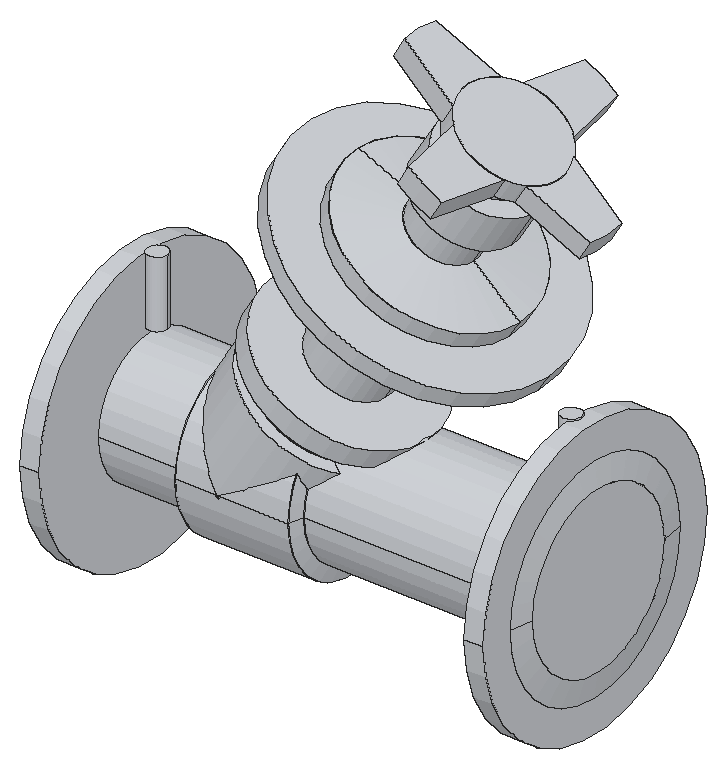
Revit family "224_DN150_20-70_RFA_2019", category Pipe Accessories, Revit 2019
Family settings
  Round Connector Dimension = Use Diameter
  Part Type = Valve - Breaks Into
  Work Plane-Based = No
  Always vertical = Yes
  Cut with Voids When Loaded = No
  Shared = No
Parameters (values of type "224_DN150_(20-70)")
  magiProductId = "2dcf3707ec5549d494f72875a03dce"
  magiProductFamilyId = "cb96b53648234cefb8c956722b95ac"
  magiPartTypeId = 304
  isMeasuringValve [instance] = no
  ang2D [instance] = 0.00°
  Z8 = 26.866 mm
  Z7 = 8.955 mm
  Z6 = 89.552 mm
  Z4 = 44.776 mm
  Z3 = 17.91 mm
  Z2 = 22.388 mm
  Z1 = 89.552 mm
  Y9 = 112.022 mm
  Y8 = 43.927 mm
  X9 = 19.752 mm
  X8 = 30.758 mm
  X5 = 223.38 mm
  X4 = 115.5 mm
  X1 = 19.2 mm
  W2D = 100 mm
  VersionID = "2.0/2018.4.11.4/ZETKAMA_224_001"
  Use Minimum Symbol Size [instance] = yes
  URL = "www.hydronic.cz"
  Type Comments = "přírubový ventil, PN16; -10~+120°C; dpmin=1,5xdpnast;"
  R8 = 53.625 mm
  R7 = 35.75 mm
  R6 = 96.688 mm
  R5 = 142.5 mm
  R4 = 113.75 mm
  R3 = 70.2 mm
  R2 = 108.5 mm
  R12 = 42.75 mm
  R10 = 84 mm
  QmdConnectorList = "301;D;302;D"
  Productdata [instance] = ""
  Manufacturer = "Hydronic Systems Prague s.r.o."
  Maintenance Zone Under Depth [instance] = 440 mm
  Maintenance Zone Right Depth [instance] = 480 mm
  Maintenance Zone Over Depth [instance] = 440 mm
  Maintenance Zone Left Depth [instance] = 480 mm
  Maintenance Zone Front Depth [instance] = 273 mm
  Maintenance Zone Back Depth [instance] = 273 mm
  Maintenance Zone Front Visibility [instance] = no
  MC Product Code = "224 150 3 (DN150; dpnast 20-70kPa; dpmax=250kPa; kvs=200,0kPa)"
  MC Piping Given Pressure Drop [instance] = 0.0 Pa
  LT2 = 240 mm
  L3 = 86.72 mm
  L2D_Min = 3048 mm
  L2D = 350 mm
  H5 = 67.5 mm
  FDT2 = 142.5 mm
  Description = "Regulátor diferenčního tlaku přírubový"
  DT21 = 67.5 mm
  DT2 = 75 mm
  D6 = 90.75 mm
  D5 = 82.5 mm
  D = 150 mm
  Clearance Zone Height Depth [instance] = 440 mm
  Clearance Zone Circular Radius [instance] = 480 mm
  Clearance Zone Visibility [instance] = no
  CAT0 = yes
  ARC2 = 1.728 mm
  ARC1 = 9.698 mm
  ANG = 32.00°
  A2 = 44.513 mm
  A1 = 71.236 mm
Types (10, lengths in mm): name | magiProductId | Z8 | Z7 | Z6 | Z4 | Z3 | Z2 | Z1 | X5 | X4 | X1 | R5 | R3 | R2 | R10 | Maintenance Zone Under Depth | Maintenance Zone Right Depth | Maintenance Zone Over Depth | Maintenance Zone Left Depth | MC Product Code | LT2 | L3 | H5 | FDT2 | DT21 | DT2 | D6 | D5 | D | Clearance Zone Height Depth | Clearance Zone Circular Radius | A2 | A1
  224_DN100_(40-160) | "71f9e553003c40d991c5e352e67284" | 24.389 | 8.13 | 101.622 | 40.649 | 16.26 | 20.324 | 60.973 | 152.2 | 91 | 14 | 110 | 52 | 80.5 | 58 | 405 | 350 | 405 | 350 | "224 100 7 (DN100; dpnast 40-160kPa; dpmax=250kPa; kvs=110,0kPa)" | 175 | 62.8 | 60 | 110 | 50 | 50 | 81.25 | 65 | 100 | 405 | 350 | 32.458 | 51.943
  224_DN100_(20-70) | "5e4de33176c64976a9c157b39996ce" | 24.389 | 8.13 | 101.622 | 40.649 | 16.26 | 20.324 | 60.973 | 152.2 | 91 | 14 | 110 | 52 | 80.5 | 58 | 405 | 350 | 405 | 350 | "224 100 3 (DN100; dpnast 20-70kPa; dpmax=250kPa; kvs=110,0kPa)" | 175 | 62.8 | 60 | 110 | 50 | 50 | 81.25 | 65 | 100 | 405 | 350 | 32.458 | 51.943
  224_DN125_(40-160) | "9beb69b667494b6ab1f54942078ae6" | 25.804 | 8.601 | 107.518 | 43.007 | 17.203 | 21.504 | 64.511 | 166.25 | 113.75 | 16 | 125 | 65 | 95.5 | 71 | 425 | 400 | 425 | 400 | "224 125 7 (DN125; dpnast 40-160kPa; dpmax=250kPa; kvs=169,0kPa)" | 200 | 72 | 62.5 | 125 | 62.5 | 62.5 | 101.562 | 81.25 | 125 | 425 | 400 | 37.094 | 59.363
  224_DN125_(20-70) | "2c85edc695ca465cb63b6911085491" | 25.804 | 8.601 | 107.518 | 43.007 | 17.203 | 21.504 | 64.511 | 166.25 | 113.75 | 16 | 125 | 65 | 95.5 | 71 | 425 | 400 | 425 | 400 | "224 125 3 (DN125; dpnast 20-70kPa; dpmax=250kPa; kvs=169,0kPa)" | 200 | 72 | 62.5 | 125 | 62.5 | 62.5 | 101.562 | 81.25 | 125 | 425 | 400 | 37.094 | 59.363
  224_DN150_(40-160) | "96017eba5eec4de2abe05c4d8dc7d1" | 26.866 | 8.955 | 89.552 | 44.776 | 17.91 | 22.388 | 89.552 | 223.38 | 115.5 | 19.2 | 142.5 | 70.2 | 108.5 | 84 | 440 | 480 | 440 | 480 | "224 150 7 (DN150; dpnast 40-160kPa; dpmax=250kPa; kvs=200,0kPa)" | 240 | 86.72 | 67.5 | 142.5 | 67.5 | 75 | 90.75 | 82.5 | 150 | 440 | 480 | 44.513 | 71.236
  224_DN150_(20-70) | "2dcf3707ec5549d494f72875a03dce" | 26.866 | 8.955 | 89.552 | 44.776 | 17.91 | 22.388 | 89.552 | 223.38 | 115.5 | 19.2 | 142.5 | 70.2 | 108.5 | 84 | 440 | 480 | 440 | 480 | "224 150 3 (DN150; dpnast 20-70kPa; dpmax=250kPa; kvs=200,0kPa)" | 240 | 86.72 | 67.5 | 142.5 | 67.5 | 75 | 90.75 | 82.5 | 150 | 440 | 480 | 44.513 | 71.236
  224_DN065_(40-160) | "7a3227ed888c4b0d8669ae9eb0085d" | 22.974 | 7.658 | 95.726 | 38.29 | 15.316 | 19.145 | 57.436 | 139.89 | 59.15 | 11.6 | 92.5 | 33.8 | 63 | 40.5 | 385 | 290 | 385 | 290 | "224 065 7 (DN65; dpnast 40-160kPa; dpmax=300kPa; kvs=48,4kPa)" | 145 | 51.76 | 60 | 92.5 | 32.5 | 32.5 | 52.812 | 42.25 | 65 | 385 | 290 | 26.893 | 43.038
  224_DN065_(20-70) | "bd269db4002540fe9b2a41f205afd7" | 22.974 | 7.658 | 95.726 | 38.29 | 15.316 | 19.145 | 57.436 | 139.89 | 59.15 | 11.6 | 92.5 | 33.8 | 63 | 40.5 | 385 | 290 | 385 | 290 | "224 065 3 (DN65; dpnast 20-70kPa; dpmax=300kPa; kvs=48,4kPa)" | 145 | 51.76 | 60 | 92.5 | 32.5 | 32.5 | 52.812 | 42.25 | 65 | 385 | 290 | 26.893 | 43.038
  224_DN080_(40-160) | "20b45c03d3cb49e9a44f946d5e2c2d" | 23.328 | 7.776 | 97.2 | 38.88 | 15.552 | 19.44 | 58.32 | 140.96 | 72.8 | 12.4 | 100 | 41.6 | 70.5 | 48 | 390 | 310 | 390 | 310 | "224 080 7 (DN80; dpnast 40-160kPa; dpmax=300kPa; kvs=74,5kPa)" | 155 | 55.44 | 60 | 100 | 40 | 40 | 65 | 52 | 80 | 390 | 310 | 28.748 | 46.007
  224_DN080_(20-70) | "2f63645f7c5342ecbadd0051fa47f2" | 23.328 | 7.776 | 97.2 | 38.88 | 15.552 | 19.44 | 58.32 | 140.96 | 72.8 | 12.4 | 100 | 41.6 | 70.5 | 48 | 390 | 310 | 390 | 310 | "224 080 3 (DN80; dpnast 20-70kPa; dpmax=300kPa; kvs=74,5kPa)" | 155 | 55.44 | 60 | 100 | 40 | 40 | 65 | 52 | 80 | 390 | 310 | 28.748 | 46.007
Reference planes
  plane 1 "Center (Front/Back)": y = 0
  plane 2 "XYPLANE": z = 0
  plane 3 "Center (Left/Right)": x = 0
  plane 4 "274": z = -440
  plane 5 "273": z = 440
  plane 6 "272": x = -480
  plane 7 "271": x = 480
  plane 8 "270": y = 273
  plane 9 "269": y = -273
  plane 10 "202": x = 211.8
  plane 11 "201": z = 75
  plane 12 "199": x = -209.8
  plane 13 "196": x = -6.58
  plane 14 "195": x = -10.58
  plane 15 "186": x = -126.08
  plane 16 "185": x = -130.08
  plane 17 "157": through (-517.259, 0, 587.523) normal (0.5299, 0, 0.848)
  plane 18 "123": y = -19.752
  plane 19 "122": y = -30.758
  plane 20 "120": y = 19.752
  plane 21 "119": y = 30.758
  plane 22 "118": through (242.028, 0, 733.148) normal (0.848, 0, -0.5299)
  plane 23 "117": through (374.28, 0, 650.508) normal (0.848, 0, -0.5299)
  plane 24 "116": through (432.028, 0, 614.423) normal (0.848, 0, -0.5299)
  plane 25 "115": through (299.776, 0, 697.063) normal (0.848, 0, -0.5299)
  plane 26 "113": y = -43.927
  plane 27 "112": y = -112.022
  plane 28 "110": through (363.112, 0, 657.486) normal (0.848, 0, -0.5299)
  plane 29 "108": through (320.277, 0, 684.253) normal (0.848, 0, -0.5299)
  plane 30 "107": through (310.944, 0, 690.085) normal (0.848, 0, -0.5299)
  plane 31 "106": through (353.779, 0, 663.318) normal (0.848, 0, -0.5299)
  plane 32 "105": y = 112.022
  plane 33 "104": y = 43.927
  plane 34 "99": through (-434.212, 0, 720.426) normal (0.5299, 0, 0.848)
  plane 35 "96": through (-446.076, 0, 701.44) normal (0.5299, 0, 0.848)
  plane 36 "91": through (-469.803, 0, 663.467) normal (0.5299, 0, 0.848)
  plane 37 "87": through (-493.531, 0, 625.495) normal (0.5299, 0, 0.848)
  plane 38 "84": through (-498.277, 0, 617.901) normal (0.5299, 0, 0.848)
  plane 39 "82": through (-507.768, 0, 602.712) normal (0.5299, 0, 0.848)
  plane 40 "75": through (-526.75, 0, 572.334) normal (0.5299, 0, 0.848)
  plane 41 "74": through (-540.986, 0, 549.551) normal (0.5299, 0, 0.848)
  plane 42 "41": through (-588.442, 0, 473.607) normal (0.5299, 0, 0.848)
  plane 43 "37": through (-600.305, 0, 454.621) normal (0.5299, 0, 0.848)
  plane 44 "34": through (-612.169, 0, 435.634) normal (0.5299, 0, 0.848)
  plane 45 "30": through (-659.624, 0, 359.69) normal (0.5299, 0, 0.848)
  plane 46 "28": y = 0
  plane 47 "27": through (337.028, 0, 673.785) normal (0.848, 0, -0.5299)
  plane 48 "24": x = 236
  plane 49 "23": x = 216.8
  plane 50 "15": x = -216.8
  plane 51 "11": x = -236
  plane 52 "6": x = 240
  plane 53 "5": x = -240
  plane 54 "3": z = 0
  plane 55 "2": y = 0
  plane 56 "1": x = 0
  plane 57 "25XY": through (-636.036, 0, 397.439) normal (0.5299, 0, 0.848)
  plane 58 "25XZ": y = 0
  plane 59 "25YZ": through (397.439, 0, 636.036) normal (0.848, 0, -0.5299)
Forms (mm)
  Blend 1, solid, visible <- "CAT0"
    base sketch origin (-540.986, 0, 549.551) x (0.848048, 0, -0.529919) y (0, 1, 0)
      loop
        circle (678.764, 0) r 42.75
    top sketch origin (-540.986, 0, 549.551) x (0.848048, 0, -0.529919) y (0, 1, 0)
      loop
        circle (678.764, 0) r 113.75
    from 0 to 26.866
  Blend 2, solid, visible <- "Maintenance Zone Front Visibility"
    base sketch origin (-750, 0, 440) x (1, 0, 0) y (0, 1, 0)
      loop
        line (270, 273) -> (270, -273) -> (1230, -273) -> (1230, 273) -> (270, 273)
    top sketch origin (-750, 0, 440) x (1, 0, 0) y (0, 1, 0)
      loop
        line (270, 273) -> (270, -273) -> (1230, -273) -> (1230, 273) -> (270, 273)
    from 0 to -880
  Extrusion 3, solid, visible <- "Clearance Zone Visibility"
    sketch origin (-750, 0, 0) x (1, 0, 0) y (0, 1, 0)
      loop
        circle (750, 0) r 480
    from 0 to 440 <- "Clearance Zone Height Depth"
  Extrusion 4, solid, visible <- "CAT0"
    sketch origin (-588.442, 0, 473.607) x (0.848048, 0, -0.529919) y (0, 1, 0)
      loop
        circle (678.764, 0) r 42.75
    from 0 to 89.552 <- "Z6"
  Extrusion 5, solid
    sketch origin (-750, 0, 75) x (1, 0, 0) y (0, 1, 0)
      loop
        circle (961.8, 0) r 10
    from 0 to 67.5 <- "H5"
  Extrusion 6, solid
    sketch origin (-750, 0, 75) x (1, 0, 0) y (0, 1, 0)
      loop
        circle (540.2, 0) r 10
    from 0 to 67.5 <- "H5"
  Extrusion 7, solid
    sketch origin (-6.58, -750, 0) x (0, 1, 0) y (0, 0, 1)
      loop
        circle (750, 0) r 67.5
    from 0 to 223.38 <- "X5"
  Blend 8, solid
    base sketch origin (-6.58, -750, 0) x (0, 1, 0) y (0, 0, 1)
      loop
        circle (750, 0) r 67.5
    top sketch origin (-6.58, -750, 0) x (0, 1, 0) y (0, 0, 1)
      loop
        circle (750, 0) r 82.5
    from 0 to -4
  Extrusion 9, solid
    sketch origin (-126.08, -750, 0) x (0, 1, 0) y (0, 0, 1)
      loop
        circle (750, 0) r 82.5
    from 0 to 115.5 <- "X4"
  Blend 10, solid
    base sketch origin (-130.08, -750, 0) x (0, 1, 0) y (0, 0, 1)
      loop
        circle (750, 0) r 67.5
    top sketch origin (-130.08, -750, 0) x (0, 1, 0) y (0, 0, 1)
      loop
        circle (750, 0) r 82.5
    from 0 to 4
  Extrusion 11, solid
    sketch origin (-659.624, 0, 359.69) x (0.848048, 0, -0.529919) y (0, 1, 0)
      loop
        circle (678.764, 0) r 82.5
    from 0 to 89.552 <- "Z1"
  Extrusion 12, solid
    sketch origin (-526.75, 0, 572.334) x (0.848048, 0, -0.529919) y (0, 1, 0)
      loop
        circle (678.764, 0) r 113.75
    from 0 to 17.91 <- "Z3"
  Extrusion 13, solid
    sketch origin (-434.212, 0, 720.426) x (0.848048, 0, -0.529919) y (0, 1, 0)
      loop
        line (722.691, -30.758) -> (790.786, -19.752)
        arc (790.786, -19.752) -> (792.514, 0) -> (790.786, 19.752) r 113.75
        line (790.786, 19.752) -> (722.691, 30.758)
        arc (722.691, 30.758) -> (732.389, 0) -> (722.691, -30.758) r 53.625
    from 0 to 22.388 <- "Z2"
  Extrusion 14, solid
    sketch origin (-434.212, 0, 720.426) x (0.848048, 0, -0.529919) y (0, 1, 0)
      loop
        line (634.837, 30.758) -> (566.742, 19.752)
        arc (566.742, 19.752) -> (565.014, 0) -> (566.742, -19.752) r 113.75
        line (566.742, -19.752) -> (634.837, -30.758)
        arc (634.837, -30.758) -> (625.139, 0) -> (634.837, 30.758) r 53.625
    from 0 to 22.388 <- "Z2"
  Extrusion 15, solid
    sketch origin (-434.212, 0, 720.426) x (0.848048, 0, -0.529919) y (0, 1, 0)
      loop
        line (648.006, -43.927) -> (659.011, -112.022)
        arc (659.011, -112.022) -> (678.764, -113.75) -> (698.516, -112.022) r 113.75
        line (698.516, -112.022) -> (709.522, -43.927)
        arc (709.522, -43.927) -> (678.764, -53.625) -> (648.006, -43.927) r 53.625
    from 0 to 22.388 <- "Z2"
  Extrusion 16, solid
    sketch origin (-434.212, 0, 720.426) x (0.848048, 0, -0.529919) y (0, 1, 0)
      loop
        line (709.522, 43.927) -> (698.516, 112.022)
        arc (698.516, 112.022) -> (678.764, 113.75) -> (659.011, 112.022) r 113.75
        line (659.011, 112.022) -> (648.006, 43.927)
        arc (648.006, 43.927) -> (678.764, 53.625) -> (709.522, 43.927) r 53.625
    from 0 to 22.388 <- "Z2"
  Extrusion 17, solid
    sketch origin (-434.212, 0, 720.426) x (0.848048, 0, -0.529919) y (0, 1, 0)
      loop
        circle (678.764, 0) r 53.625
    from 0 to 22.388 <- "Z2"
  Extrusion 18, solid
    sketch origin (-446.076, 0, 701.44) x (0.848048, 0, -0.529919) y (0, 1, 0)
      loop
        circle (678.764, 0) r 35.75
    from 0 to 22.388 <- "Z2"
  Extrusion 19, solid
    sketch origin (-469.803, 0, 663.467) x (0.848048, 0, -0.529919) y (0, 1, 0)
      loop
        circle (678.764, 0) r 53.625
    from 0 to 44.776 <- "Z4"
  Extrusion 20, solid
    sketch origin (-493.531, 0, 625.495) x (0.848048, 0, -0.529919) y (0, 1, 0)
      loop
        circle (678.764, 0) r 35.75
    from 0 to 44.776 <- "Z4"
  Blend 21, solid
    base sketch origin (-498.277, 0, 617.901) x (0.848048, 0, -0.529919) y (0, 1, 0)
      loop
        circle (678.764, 0) r 96.688
    top sketch origin (-498.277, 0, 617.901) x (0.848048, 0, -0.529919) y (0, 1, 0)
      loop
        circle (678.764, 0) r 35.75
    from 0 to 8.955
  Extrusion 22, solid
    sketch origin (-507.768, 0, 602.712) x (0.848048, 0, -0.529919) y (0, 1, 0)
      loop
        circle (678.764, 0) r 96.688
    from 0 to 17.91 <- "Z3"
  Extrusion 23, solid
    sketch origin (-517.259, 0, 587.523) x (0.848048, 0, -0.529919) y (0, 1, 0)
      loop
        circle (678.764, 0) r 142.5
    from 0 to 17.91 <- "Z3"
  Extrusion 24, solid
    sketch origin (-600.305, 0, 454.621) x (0.848048, 0, -0.529919) y (0, 1, 0)
      loop
        circle (678.764, 0) r 90.75
    from 0 to 22.388 <- "Z2"
  Extrusion 25, solid
    sketch origin (-612.169, 0, 435.634) x (0.848048, 0, -0.529919) y (0, 1, 0)
      loop
        circle (678.764, 0) r 70.2
    from 0 to 22.388 <- "Z2"
  Blend 26, solid
    base sketch origin (236, -750, 0) x (0, 1, 0) y (0, 0, 1)
      loop
        circle (750, 0) r 108.5
    top sketch origin (236, -750, 0) x (0, 1, 0) y (0, 0, 1)
      loop
        circle (750, 0) r 84
    from 0 to 4
  Extrusion 27, solid
    sketch origin (216.8, -750, 0) x (0, 1, 0) y (0, 0, 1)
      loop
        circle (750, 0) r 142.5
    from 0 to 19.2 <- "X1"
  Extrusion 28, solid
    sketch origin (-216.8, -750, 0) x (0, 1, 0) y (0, 0, 1)
      loop
        circle (750, 0) r 67.5
    from 0 to 86.72 <- "L3"
  Extrusion 29, solid
    sketch origin (-236, -750, 0) x (0, 1, 0) y (0, 0, 1)
      loop
        circle (750, 0) r 142.5
    from 0 to 19.2 <- "X1"
  Blend 30, solid
    base sketch origin (-240, -750, 0) x (0, 1, 0) y (0, 0, 1)
      loop
        circle (750, 0) r 84
    top sketch origin (-240, -750, 0) x (0, 1, 0) y (0, 0, 1)
      loop
        circle (750, 0) r 108.5
    from 0 to 4
  Extrusion 31, solid, not visible
    sketch origin (240, -750, 0) x (0, 1, 0) y (0, 0, 1)
      loop
        circle (750, 0) r 10
    from 0 to -10
  Extrusion 32, solid, not visible
    sketch origin (-240, -750, 0) x (0, 1, 0) y (0, 0, 1)
      loop
        circle (750, 0) r 10
    from 0 to 10
Lines and regions (mm)
  reference lines, not visible
    curve 1: circle (-9.38, 2, 0) r 1 normal (0, 0, 1)
  reference lines
    curve 2: line (178.665, -30.758, 337.458) -> (178.665, 30.758, 337.458)
    curve 3: line (236.413, 19.752, 301.373) -> (236.413, -19.752, 301.373)
    curve 4: line (104.16, 30.758, 384.013) -> (104.16, -30.758, 384.013)
    curve 5: line (46.413, -19.752, 420.098) -> (46.413, 19.752, 420.098)
    curve 6: line (115.328, -43.927, 377.035) -> (167.497, -43.927, 344.436)
    curve 7: line (158.164, -112.022, 350.268) -> (124.662, -112.022, 371.203)
    curve 8: line (167.497, 43.927, 344.436) -> (115.328, 43.927, 377.035)
    curve 9: line (124.662, 112.022, 371.203) -> (158.164, 112.022, 350.268)
Dimensions and locks
  plane 1 "Center (Front/Back)" to curve 1 = 2 mm
  "Maintenance Zone Under Depth": plane 2 "XYPLANE" to plane 4 "274"
  "Maintenance Zone Over Depth": plane 2 "XYPLANE" to plane 5 "273"
  "Maintenance Zone Left Depth": plane 3 "Center (Left/Right)" to plane 6 "272"
  "Maintenance Zone Right Depth": plane 3 "Center (Left/Right)" to plane 7 "271"
  "Maintenance Zone Back Depth": plane 1 "Center (Front/Back)" to plane 8 "270"
  "Maintenance Zone Front Depth": plane 1 "Center (Front/Back)" to plane 9 "269"
  locked: plane 49 "23" to plane 10 "202" at 5
  "DT2": plane 2 "XYPLANE" to plane 11 "201"
  locked: plane 50 "15" to plane 12 "199" at 7
  locked: plane 14 "195" to plane 13 "196" at 4
  "X4": plane 15 "186" to plane 14 "195"
  locked: plane 16 "185" to plane 15 "186" at 4
  "L3": plane 50 "15" to plane 16 "185"
  "Z3": plane 40 "75" to plane 17 "157"
  "X9": plane 55 "2" to plane 18 "123"
  "X8": plane 55 "2" to plane 19 "122"
  "X9": plane 55 "2" to plane 20 "120"
  "X8": plane 55 "2" to plane 21 "119"
  "Y9": plane 47 "27" to plane 22 "118"
  "Y8": plane 47 "27" to plane 23 "117"
  "Y9": plane 47 "27" to plane 24 "116"
  "Y8": plane 47 "27" to plane 25 "115"
  "Y8": plane 55 "2" to plane 26 "113"
  "Y9": plane 55 "2" to plane 27 "112"
  "X8": plane 47 "27" to plane 28 "110"
  "X9": plane 47 "27" to plane 29 "108"
  "X8": plane 47 "27" to plane 30 "107"
  "X9": plane 47 "27" to plane 31 "106"
  "Y9": plane 55 "2" to plane 32 "105"
  "Y8": plane 55 "2" to plane 33 "104"
  "Z2": plane 35 "96" to plane 34 "99"
  "Z4": plane 36 "91" to plane 35 "96"
  "Z4": plane 37 "87" to plane 36 "91"
  "Z7": plane 38 "84" to plane 37 "87"
  "Z3": plane 39 "82" to plane 38 "84"
  "Z3": plane 17 "157" to plane 39 "82"
  "Z8": plane 41 "74" to plane 40 "75"
  "Z6": plane 42 "41" to plane 41 "74"
  "Z2": plane 43 "37" to plane 42 "41"
  "Z2": plane 44 "34" to plane 43 "37"
  "Z1": plane 45 "30" to plane 44 "34"
  "A2": plane 57 "25XY" to plane 45 "30"
  locked: plane 55 "2" to plane 46 "28"
  "A1": plane 59 "25YZ" to plane 47 "27"
  "X1": plane 49 "23" to plane 48 "24"
  "X5": plane 13 "196" to plane 49 "23"
  "X1": plane 51 "11" to plane 50 "15"
  locked: plane 53 "5" to plane 51 "11" at 4
  "LT2": plane 3 "Center (Left/Right)" to plane 52 "6"
  "LT2": plane 3 "Center (Left/Right)" to plane 53 "5"
  locked: plane 2 "XYPLANE" to plane 54 "3"
  locked: plane 1 "Center (Front/Back)" to plane 55 "2"
  locked: plane 3 "Center (Left/Right)" to plane 56 "1"
  Blend 2 sketch curve to Blend 2 sketch curve = 0 mm  (x16)
  "ARC1": curve 2 to Extrusion 13 sketch curve
  "ARC2": curve 3 to Extrusion 13 sketch curve
  Extrusion 13 sketch curve to Extrusion 13 sketch curve = 0 mm  (x8)
  "ARC1": curve 4 to Extrusion 14 sketch curve
  "ARC2": curve 5 to Extrusion 14 sketch curve
  Extrusion 14 sketch curve to Extrusion 14 sketch curve = 0 mm  (x8)
  "ARC1": curve 6 to Extrusion 15 sketch curve
  "ARC2": curve 7 to Extrusion 15 sketch curve
  Extrusion 15 sketch curve to Extrusion 15 sketch curve = 0 mm  (x8)
  "ARC1": curve 8 to Extrusion 16 sketch curve
  "ARC2": curve 9 to Extrusion 16 sketch curve
  Extrusion 16 sketch curve to Extrusion 16 sketch curve = 0 mm  (x8)
  "R4": radius of Blend 1 sketch curve
  "R12": radius of Blend 1 sketch curve
  "Clearance Zone Circular Radius": radius of Extrusion 3 sketch curve
  "R12": radius of Extrusion 4 sketch curve
  "DT21": radius of Extrusion 7 sketch curve
  "D5": radius of Blend 8 sketch curve
  "DT21": radius of Blend 8 sketch curve
  "D5": radius of Extrusion 9 sketch curve
  "D5": radius of Blend 10 sketch curve
  "DT21": radius of Blend 10 sketch curve
  "D5": radius of Extrusion 11 sketch curve
  "R4": radius of Extrusion 12 sketch curve
  "R8": radius of Extrusion 17 sketch curve
  "R7": radius of Extrusion 18 sketch curve
  "R8": radius of Extrusion 19 sketch curve
  "R7": radius of Extrusion 20 sketch curve
  "R7": radius of Blend 21 sketch curve
  "R6": radius of Blend 21 sketch curve
  "R6": radius of Extrusion 22 sketch curve
  "R5": radius of Extrusion 23 sketch curve
  "D6": radius of Extrusion 24 sketch curve
  "R3": radius of Extrusion 25 sketch curve
  "R10": radius of Blend 26 sketch curve
  "R2": radius of Blend 26 sketch curve
  "FDT2": radius of Extrusion 27 sketch curve
  "DT21": radius of Extrusion 28 sketch curve
  "FDT2": radius of Extrusion 29 sketch curve
  "R2": radius of Blend 30 sketch curve
  "R10": radius of Blend 30 sketch curve
  aligned and locked: level to plane 2 "XYPLANE"
  aligned and locked: plane 46 "28" to Blend 1 sketch curve  (x2)
  aligned and locked: Blend 1 sketch curve to plane 47 "27"  (x2)
  aligned and locked: plane 40 "75" to Blend 1
  aligned and locked: Blend 2 sketch curve to plane 6 "272"  (x2)
  aligned and locked: plane 8 "270" to Blend 2 sketch curve  (x4)
  aligned and locked: plane 9 "269" to Blend 2 sketch curve  (x4)
  aligned and locked: plane 6 "272" to Blend 2 sketch curve  (x2)
  aligned and locked: plane 7 "271" to Blend 2 sketch curve  (x4)
  aligned and locked: Blend 2 to plane 4 "274"
  aligned and locked: plane 55 "2" to Extrusion 3 sketch curve
  aligned and locked: plane 56 "1" to Extrusion 3 sketch curve
  aligned and locked: plane 46 "28" to Extrusion 4 sketch curve
  aligned and locked: Extrusion 4 sketch curve to plane 47 "27"
  aligned and locked: plane 10 "202" to Extrusion 5 sketch curve
  aligned and locked: plane 55 "2" to Extrusion 5 sketch curve
  aligned and locked: plane 12 "199" to Extrusion 6 sketch curve
  aligned and locked: plane 55 "2" to Extrusion 6 sketch curve
  aligned and locked: plane 54 "3" to Extrusion 7 sketch curve
  aligned and locked: Extrusion 7 sketch curve to plane 55 "2"
  aligned and locked: plane 54 "3" to Blend 8 sketch curve  (x2)
  aligned and locked: Blend 8 sketch curve to plane 55 "2"  (x2)
  aligned and locked: Blend 8 to plane 14 "195"
  aligned and locked: plane 54 "3" to Extrusion 9 sketch curve
  aligned and locked: Extrusion 9 sketch curve to plane 55 "2"
  aligned and locked: plane 54 "3" to Blend 10 sketch curve  (x2)
  aligned and locked: Blend 10 sketch curve to plane 55 "2"  (x2)
  aligned and locked: plane 15 "186" to Blend 10
  aligned and locked: plane 46 "28" to Extrusion 11 sketch curve
  aligned and locked: Extrusion 11 sketch curve to plane 47 "27"
  aligned and locked: plane 46 "28" to Extrusion 12 sketch curve
  aligned and locked: Extrusion 12 sketch curve to plane 47 "27"
  aligned and locked: curve 2 to plane 23 "117"
  aligned and locked: plane 19 "122" to curve 2
  aligned and locked: plane 21 "119" to curve 2
  aligned and locked: plane 21 "119" to Extrusion 13 sketch curve
  aligned and locked: plane 23 "117" to Extrusion 13 sketch curve
  aligned and locked: plane 20 "120" to Extrusion 13 sketch curve
  aligned and locked: plane 24 "116" to Extrusion 13 sketch curve
  aligned and locked: curve 3 to plane 24 "116"
  aligned and locked: plane 20 "120" to curve 3
  aligned and locked: plane 18 "123" to curve 3
  aligned and locked: plane 18 "123" to Extrusion 13 sketch curve
  aligned and locked: Extrusion 13 sketch curve to plane 24 "116"
  aligned and locked: plane 19 "122" to Extrusion 13 sketch curve
  aligned and locked: Extrusion 13 sketch curve to plane 23 "117"
  aligned and locked: curve 4 to plane 25 "115"
  aligned and locked: plane 21 "119" to curve 4
  aligned and locked: plane 19 "122" to curve 4
  aligned and locked: plane 19 "122" to Extrusion 14 sketch curve
  aligned and locked: Extrusion 14 sketch curve to plane 25 "115"
  aligned and locked: plane 18 "123" to Extrusion 14 sketch curve
  aligned and locked: Extrusion 14 sketch curve to plane 22 "118"
  aligned and locked: curve 5 to plane 22 "118"
  aligned and locked: plane 18 "123" to curve 5
  aligned and locked: plane 20 "120" to curve 5
  aligned and locked: plane 20 "120" to Extrusion 14 sketch curve
  aligned and locked: plane 22 "118" to Extrusion 14 sketch curve
  aligned and locked: plane 21 "119" to Extrusion 14 sketch curve
  aligned and locked: plane 25 "115" to Extrusion 14 sketch curve
  aligned and locked: curve 6 to plane 26 "113"
  aligned and locked: curve 6 to plane 30 "107"
  aligned and locked: curve 6 to plane 28 "110"
  aligned and locked: plane 26 "113" to Extrusion 15 sketch curve  (x2)
  aligned and locked: Extrusion 15 sketch curve to plane 28 "110"
  aligned and locked: plane 27 "112" to Extrusion 15 sketch curve  (x2)
  aligned and locked: Extrusion 15 sketch curve to plane 31 "106"
  aligned and locked: plane 27 "112" to curve 7
  aligned and locked: curve 7 to plane 31 "106"
  aligned and locked: curve 7 to plane 29 "108"
  aligned and locked: Extrusion 15 sketch curve to plane 29 "108"
  aligned and locked: Extrusion 15 sketch curve to plane 30 "107"
  aligned and locked: plane 33 "104" to curve 8
  aligned and locked: plane 28 "110" to curve 8
  aligned and locked: plane 30 "107" to curve 8
  aligned and locked: plane 30 "107" to Extrusion 16 sketch curve
  aligned and locked: plane 33 "104" to Extrusion 16 sketch curve  (x2)
  aligned and locked: plane 29 "108" to Extrusion 16 sketch curve
  aligned and locked: plane 32 "105" to Extrusion 16 sketch curve  (x2)
  aligned and locked: curve 9 to plane 32 "105"
  aligned and locked: plane 29 "108" to curve 9
  aligned and locked: plane 31 "106" to curve 9
  aligned and locked: plane 31 "106" to Extrusion 16 sketch curve
  aligned and locked: plane 28 "110" to Extrusion 16 sketch curve
  aligned and locked: plane 46 "28" to Extrusion 17 sketch curve
  aligned and locked: Extrusion 17 sketch curve to plane 47 "27"
  aligned and locked: plane 46 "28" to Extrusion 18 sketch curve
  aligned and locked: Extrusion 18 sketch curve to plane 47 "27"
  aligned and locked: plane 46 "28" to Extrusion 19 sketch curve
  aligned and locked: Extrusion 19 sketch curve to plane 47 "27"
  aligned and locked: plane 46 "28" to Extrusion 20 sketch curve
  aligned and locked: Extrusion 20 sketch curve to plane 47 "27"
  aligned and locked: plane 46 "28" to Blend 21 sketch curve  (x2)
  aligned and locked: Blend 21 sketch curve to plane 47 "27"  (x2)
  aligned and locked: plane 37 "87" to Blend 21
  aligned and locked: plane 46 "28" to Extrusion 22 sketch curve
  aligned and locked: Extrusion 22 sketch curve to plane 47 "27"
  aligned and locked: plane 46 "28" to Extrusion 23 sketch curve
  aligned and locked: Extrusion 23 sketch curve to plane 47 "27"
  aligned and locked: plane 46 "28" to Extrusion 24 sketch curve
  aligned and locked: Extrusion 24 sketch curve to plane 47 "27"
  aligned and locked: plane 46 "28" to Extrusion 25 sketch curve
  aligned and locked: Extrusion 25 sketch curve to plane 47 "27"
  aligned and locked: plane 54 "3" to Blend 26 sketch curve  (x2)
  aligned and locked: Blend 26 sketch curve to plane 55 "2"  (x2)
  aligned and locked: plane 52 "6" to Blend 26
  aligned and locked: plane 54 "3" to Extrusion 27 sketch curve
  aligned and locked: Extrusion 27 sketch curve to plane 55 "2"
  aligned and locked: plane 54 "3" to Extrusion 28 sketch curve
  aligned and locked: Extrusion 28 sketch curve to plane 55 "2"
  aligned and locked: plane 54 "3" to Extrusion 29 sketch curve
  aligned and locked: Extrusion 29 sketch curve to plane 55 "2"
  aligned and locked: plane 54 "3" to Blend 30 sketch curve  (x2)
  aligned and locked: Blend 30 sketch curve to plane 55 "2"  (x2)
  aligned and locked: plane 51 "11" to Blend 30
  aligned and locked: plane 54 "3" to Extrusion 31 sketch curve
  aligned and locked: Extrusion 31 sketch curve to plane 55 "2"
  aligned and locked: plane 54 "3" to Extrusion 32 sketch curve
  aligned and locked: Extrusion 32 sketch curve to plane 55 "2"
Automatic sketch dimensions
  Extrusion 5 sketch curve to Extrusion 5 sketch curve = 10 mm
  Extrusion 6 sketch curve to plane 50 "15" = 3 mm
  plane 18 "123" to Extrusion 31 sketch curve = 9.752 mm
  plane 18 "123" to Extrusion 32 sketch curve = 9.752 mm
  plane 14 "195" to curve 1 = 1.2 mm
  radius of curve 1 = 1 mm
Connectors
  piping at (-240, 0, 0), diameter 150, driven by "D"
    settings: on Extrusion 32, index 1, connector inside diameter 609.6 mm, connector length 0 mm, flow factor 0, pipe flow 0.0 L/s, pressure drop 0.0 Pa, fitting loss kfactor 0, connector angle 0.00°, fixture units 0, engagement length 0 mm, angle of deflection 0.00°, flow configuration 0, flow direction 0, fitting loss method 0, system type 29, joint type 0, gender type 0, connector reference index 2, connector utility 0, adjustable connector no, is connector primary yes, connector description ""
  piping at (240, 0, 0), diameter 150, driven by "D"
    settings: on Extrusion 31, index 2, connector inside diameter 609.6 mm, connector length 0 mm, flow factor 0, pipe flow 0.0 L/s, pressure drop 0.0 Pa, fitting loss kfactor 0, connector angle 0.00°, fixture units 0, engagement length 0 mm, angle of deflection 0.00°, flow configuration 0, flow direction 0, fitting loss method 0, system type 29, joint type 0, gender type 0, connector reference index 1, connector utility 0, adjustable connector no, is connector primary no, connector description ""
